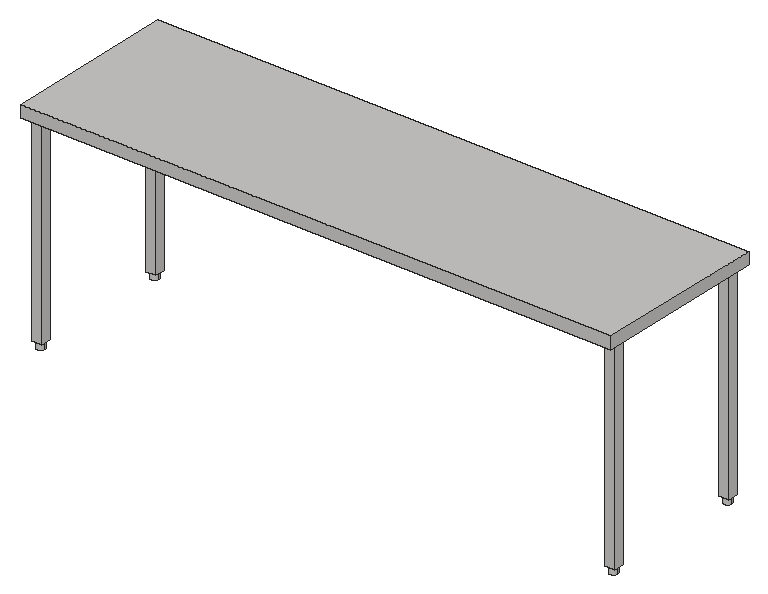
Revit family "QF_ELECTROLUXPROFESSIONAL_132729_TG2400PN", category Attrezzature speciali, Revit 2020
Family settings
  Quota connettore circolare = Usa diametro
  Tipo di parte = Normale
  Basato su piano di lavoro = No
  Sempre verticale = Sì
  Taglio con vuoti quando caricato = No
  Condiviso = No
  Punto di calcolo locali = No
Parameters (values of type "Standard")
  Weight = 84.00 kg
  Watts = 0 W
  Volts = 0 V
  URL Manufacturer = "https://www.electroluxprofessional.com/"
  URL = "https://www.electroluxprofessional.com/"
  Steam Supply Size = 0 mm
  Steam Supply Minimum Pressure = 0.0 Pa
  Steam Supply Maximum Pressure = 0.0 Pa
  Steam Consumption per Hour = 0
  Refrigeration Suction Line Size = 0.0 mm
  Refrigeration Liquid Line Size = 0.0 mm
  Refrigerant Compressor Remote = yes
  Prospetto di default = 0.0 mm
  Produttore = "Electrolux Professional"
  Phase = 0
  Modello = "TG2400PN"
  Length Actual = 2400.0 mm  # constant formula
  Item Number = "132729"
  Hot Water Size = 0 mm
  Height Actual = 900.0 mm  # constant formula
  HP = "0 HP"
  Gas Size = 0 mm
  Gas KW = 0
  Gas Input Pressure = 0 W
  Direct Waste Size = 0 mm
  Descrizione = "WORK TABLE 2400 MM"
  Depth Actual = 700.0 mm  # constant formula
  Cycle = 0 Hz
  Condensate Return Size = 0 mm
  Compressed Air Volume = 0.0 L/s
  Compressed Air Size = 0 mm
  Compressed Air Pressure = 0.0 Pa
  Cold Water Size = 0 mm
  Accessory = yes
Reference planes
  plane 1 "Center (Front/Back)": y = 0
  plane 2: z = 0
  plane 3 "Center (Left/Right)": x = -700
  plane 4 "LEFT": x = -1900
  plane 5 "RIGHT": x = 500
  plane 6 "BACK": y = 350
  plane 7 "FRONT": y = -350
  plane 8 "Base": z = 850
  plane 9 "TOP": z = 900
  plane 10: x = -1864.5
  plane 11: x = 464.5
  plane 12: y = 290
  plane 13: y = -290
Forms (mm)
  Extrusion 1, solid, material "QF_Finishes_Stainless Steel"
    sketch origin (-700, 0, 0) x (0, 1, 0) y (0, 0, 1)
      loop
        line (-350, 850) -> (350, 850) -> (350, 900) -> (-350, 900) -> (-350, 850)
    from 1200 to -1200
Lines and regions (mm)
  symbolic lines
    curve 1: line (500, 350, 900) -> (-1900, 350, 900)
    curve 2: line (-1900, 350, 900) -> (-1900, -350, 900)
    curve 3: line (-1900, -350, 900) -> (500, -350, 900)
    curve 4: line (500, -350, 900) -> (500, 350, 900)
Dimensions and locks
  plane 4 "LEFT" to plane 5 "RIGHT" = 2400.0 mm
  equal spacing: plane 4 "LEFT", plane 3 "Center (Left/Right)", plane 5 "RIGHT"
  locked: plane 8 "Base" to level at 850
  plane 4 "LEFT" to plane 10 = 35.5 mm
  plane 11 to plane 5 "RIGHT" = 35.5 mm
  plane 10 to plane 11 = 2329.0 mm
  locked: plane 9 "TOP" to level at 900
  plane 6 "BACK" to plane 12 = 60.0 mm
  plane 13 to plane 7 "FRONT" = 60.0 mm
  plane 6 "BACK" to plane 7 "FRONT" = 700.0 mm
  plane 12 to plane 13 = 580.0 mm
  equal spacing: plane 6 "BACK", plane 1 "Center (Front/Back)", plane 7 "FRONT"
  aligned and locked: level to plane 2
  aligned and locked: plane 10 to nested 1
  aligned and locked: nested 1 to plane 13
  aligned and locked: plane 11 to nested 2
  aligned and locked: nested 2 to plane 13
  aligned and locked: plane 11 to nested 4
  aligned and locked: nested 4 to plane 12
  aligned and locked: plane 10 to nested 3
  aligned and locked: nested 3 to plane 12
  aligned and locked: Extrusion 1 to plane 4 "LEFT"
  aligned and locked: plane 5 "RIGHT" to Extrusion 1
  aligned and locked: curve 2 to plane 4 "LEFT"
Automatic sketch dimensions
  Extrusion 1 sketch curve to plane 7 "FRONT" = 0.0 mm
  Extrusion 1 sketch curve to plane 8 "Base" = 0.0 mm
  curve 3 to plane 7 "FRONT" = 0.0 mm
  curve 4 to plane 6 "BACK" = 0.0 mm
  Extrusion 1 sketch curve to plane 9 "TOP" = 0.0 mm
  Extrusion 1 sketch curve to plane 6 "BACK" = 0.0 mm
  curve 4 to plane 5 "RIGHT" = 0.0 mm
Nested families
  nested 1: "FEET_40x40" at (-1864.5, -290, 0), type "FEET_40x40"
  nested 2: "FEET_40x40" at (464.5, -290, 0), type "FEET_40x40"
  nested 3: "FEET_40x40" at (-1864.5, 290, 0), type "FEET_40x40"
  nested 4: "FEET_40x40" at (464.5, 290, 0), type "FEET_40x40"
Definition of nested family "FEET_40x40"
  Parameters
    Default Elevation = 0.0 mm
    FEET = 850.0 mm
  Reference planes
    plane 1 "Center (Front/Back)": y = 0
    plane 2: z = 0
    plane 3 "Center (Left/Right)": x = 0
    plane 4: z = 850
  Forms (mm)
    Extrusion 1, solid
      sketch origin (0, 0, 0) x (1, 0, 0) y (0, 1, 0)
        loop
          line (-20, -20) -> (20, -20) -> (20, 20) -> (-20, 20) -> (-20, -20)
      from 25 to 845
    Extrusion 2, solid
      sketch origin (0, 0, 0) x (1, 0, 0) y (0, 1, 0)
        loop
          circle (0, 0) r 16
      from 0 to 25
    Extrusion 3, solid
      sketch origin (0, 0, 0) x (1, 0, 0) y (0, 1, 0)
        loop
          line (30, 30) -> (-30, 30) -> (-30, -30) -> (30, -30) -> (30, 30)
      from 845 to 850
  Lines and regions (mm)
    symbolic lines
      curve 1: line (0, -1.503, 0) -> (0, 1.508, 0)
      curve 2: line (1.561, 0, 0) -> (-1.439, 0, 0)
  Dimensions and locks
    "FEET": plane 4 to plane 2
    aligned and locked: level to plane 2
  Automatic sketch dimensions
    Extrusion 1 sketch curve to plane 3 "Center (Left/Right)" = 20.0 mm
    plane 3 "Center (Left/Right)" to Extrusion 1 sketch curve = 20.0 mm
    plane 1 "Center (Front/Back)" to Extrusion 1 sketch curve = 20.0 mm
    Extrusion 1 sketch curve to plane 1 "Center (Front/Back)" = 20.0 mm
    plane 1 "Center (Front/Back)" to Extrusion 2 sketch curve = 0.0 mm
    Extrusion 2 sketch curve to plane 3 "Center (Left/Right)" = 0.0 mm
    plane 3 "Center (Left/Right)" to Extrusion 3 sketch curve = 30.0 mm
    Extrusion 3 sketch curve to plane 1 "Center (Front/Back)" = 30.0 mm
    Extrusion 3 sketch curve to plane 3 "Center (Left/Right)" = 30.0 mm
    plane 1 "Center (Front/Back)" to Extrusion 3 sketch curve = 30.0 mm
    plane 1 "Center (Front/Back)" to curve 2 = 0.0 mm
    curve 1 to plane 3 "Center (Left/Right)" = 0.0 mm
    curve 2 to plane 3 "Center (Left/Right)" = 1.439 mm
    plane 3 "Center (Left/Right)" to curve 2 = 1.561 mm
    plane 1 "Center (Front/Back)" to curve 1 = 1.503 mm
    curve 1 to plane 1 "Center (Front/Back)" = 1.508 mm
    radius of Extrusion 2 sketch curve = 16.0 mm
